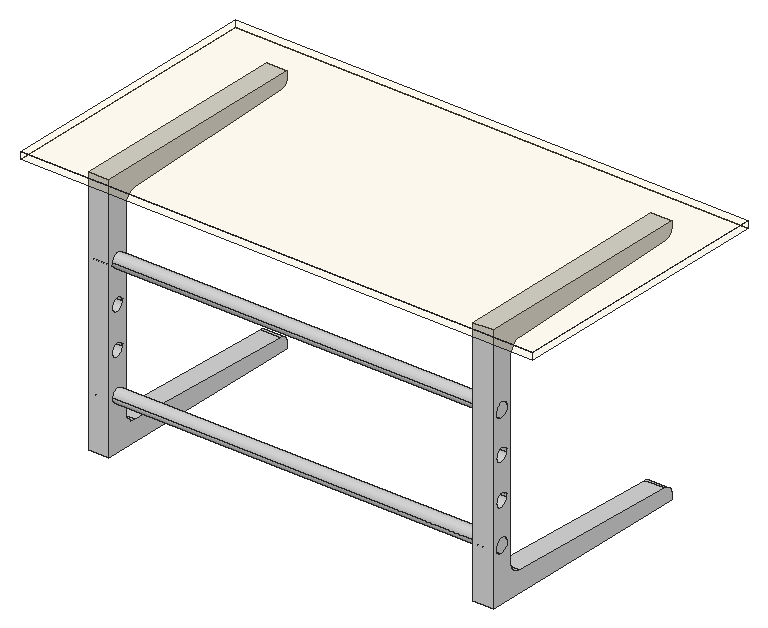
Revit family
Parameters (values of type "120")
  URL = ""
  Support = Acier poli
  Plateau = Verre ambre
  Model = "BUREAU #1200"
  Longueur = 1200 mm
  Manufacturer = "FB"
  Description = "Plateau en verre, support en acier"
Types (4, lengths in mm): name | Model | Longueur
  (no name) | "BUREAU #1200" | 1200
  120 | "BUREAU #1200" | 1200
  140 | "BUREAU #1400" | 1400
  160 | "BUREAU #1600" | 1600
Reference planes
  plane 1 "Centre (avant/arrière)": y = 0
  plane 2: z = 0
  plane 3 "Centre (gauche/droite)": x = -20
  plane 4: x = -620
  plane 5: x = 580
  plane 6: z = 740
Forms (mm)
  Extrusion 1, solid, material "Verre ambre" <- "Plateau"
    sketch origin (-1154.576, 0, 740) x (-1, 0, 0) y (0, -1, 0)
      loop
        line (-374.576, -445) -> (-374.576, 355) -> (-1894.576, 355) -> (-1894.576, -445) -> (-374.576, -445)
    from 0 to 20
  Extrusion 2, solid, material "Acier poli" <- "Support"
    sketch origin (-20, 0, 0) x (0, 1, 0) y (0, 0, 1)
      loop
        circle (-270, 155.017) r 20
      loop
        circle (-270, 515.017) r 20
    from -600 to 600
Nested families
  nested 1: "FB_support table" at (-720, -300, 0), type "FB_support table"
  nested 2: "FB_support table" at (420, -300, 0), type "FB_support table"
Definition of nested family "FB_support table"
  Parameters
    Support = none
  Reference planes
    plane 1 "Centre (avant/arrière)": y = 0
    plane 2: z = 0
    plane 3 "Centre (gauche/droite)": x = 130
    plane 4: z = 740
    plane 5: z = 370
    plane 6: y = 30
    plane 7: x = 100
    plane 8: x = 160
  Forms (mm)
    Extrusion 1, solid, material <- "Support"
      sketch origin (130, 0, 0) x (0, 1, 0) y (0, 0, 1)
        loop
          line (0, 740) -> (0, 0) -> (660, 0) -> (660, 15.858)
          arc (660, 15.858) -> (652.983, 33.224) -> (635.872, 40.843) r 25
          line (635.872, 40.843) -> (98.604, 59.604)
          arc (98.604, 59.604) -> (71.226, 71.794) -> (60, 99.58) r 40
          line (60, 99.58) -> (60, 640.42)
          arc (60, 640.42) -> (71.226, 668.206) -> (98.604, 680.396) r 40
          line (98.604, 680.396) -> (635.872, 699.157)
          arc (635.872, 699.157) -> (652.983, 706.776) -> (660, 724.142) r 25
          line (660, 724.142) -> (660, 740) -> (0, 740)
        loop
          circle (30, 155.017) r 20
        loop
          circle (30, 275.017) r 20
        loop
          circle (30, 395.017) r 20
        loop
          circle (30, 515.017) r 20
      from -30 to 30
